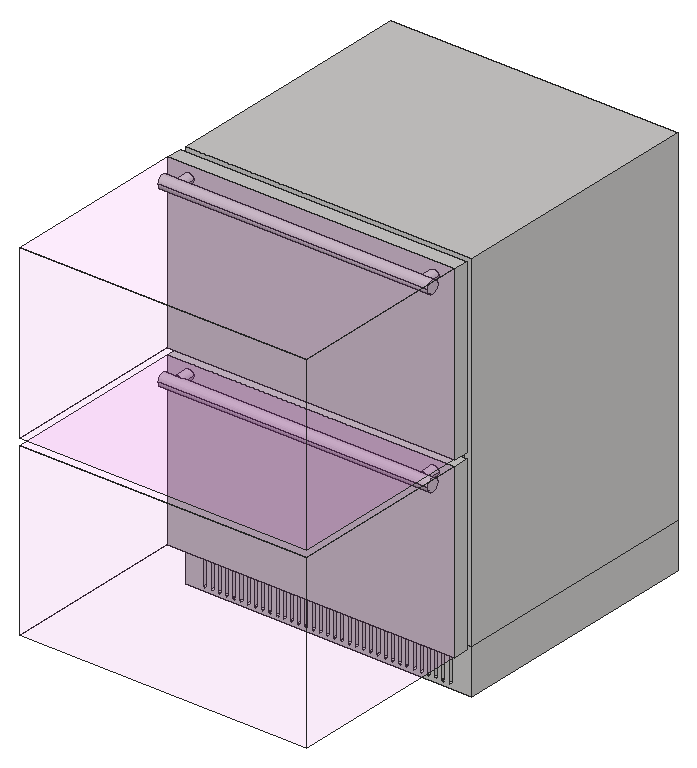
Revit family "QF_Summit_ADFD2D4_2_Drawer_All_Freezer", category Specialty Equipment, Revit 2020
Family settings
  Round Connector Dimension = Use Diameter
  Part Type = Normal
  Work Plane-Based = No
  Always vertical = Yes
  Cut with Voids When Loaded = No
  Shared = No
  Room Calculation Point = No
Parameters
  Weight in Pounds = 95
  Watts = Volts * FL Amps  # 115 W
  Volts = 115 V
  URL Cutsheet = ""
  Specification by User = ""
  Specification by Manufacturer = ""
  Show Clearance [instance] = yes
  Show 4" Legs [instance] = no
  Serial Number = ""
  Seismic Rating = ""
  SMACNA No = ""
  Revision Code = ""
  Refrigerant Volume = 0.00 kip
  Refrigerant Type = "R600a"
  Phase = 1
  Number of Poles = 1
  NAFEM Spec ID Number = ""
  Model = "ADFD2D24"
  Min Ckt Ampacity = 0 A
  Max Overcurrent Protection = 0 A
  Masterspec = ""
  Manufacturer = "Summit"
  Length = 23 3/8"
  Item Number = ""
  Installed By = ""
  Identify Quantity as Lot = yes
  Height [instance] = Body Height + Base Height  # 32"
  HP = ""
  Furnished By = ""
  Foodservice Equipment Identifier = yes
  FL Amps = 1 A
  Electrical Remarks = ""
  Electric Connection Type = ""
  Elec Conn RI Height = 0"
  Elec Conn Connection Height = 0"
  Description = "2 Drawer All Freezer"
  Depth = 22 3/4"
  Default Elevation = 0"
  Cycle = 60 Hz
  Conn Plug = ""
  Conn Conduit = yes
  CSI MasterFormat = ""
  Body Height [instance] = 32"
  Base Height [instance] = if([Show 4" Legs], 4", 0")  # 0"
  BTUH = 0.0 Btu/h
  Apparent Power = 0 VA
Reference planes (in)
  plane 1 "BACK": y = 0
  plane 2: z = 0
  plane 3 "LEFT": x = 0
  plane 4 "RIGHT": x = 23.375
  plane 5 "FRONT": y = -21
  plane 6 "TOP": z = 32
  plane 7 "Center Y": x = 11.6875
  plane 8 "Center X": y = -10.5
  plane 9: z = 0
Dimensions and locks (in)
  equal spacing: plane 3 "LEFT", plane 7 "Center Y", plane 4 "RIGHT"
  "Length": plane 3 "LEFT" to plane 4 "RIGHT"
  equal spacing: plane 5 "FRONT", plane 8 "Center X", plane 1 "BACK"
  plane 5 "FRONT" to plane 1 "BACK" = 21"
  plane 6 "TOP" to level = 32"
  "Base Height": plane 9 to level
  "Body Height": plane 6 "TOP" to plane 9
  nested 5 to plane 1 "BACK" = 22 3/4"
  aligned and locked: level to plane 2
  aligned and locked: nested 5 to plane 9
  aligned and locked: plane 6 "TOP" to nested 5
Nested families (in)
  nested 1: "4 INCHES LEGS" at (2.6875, -4, 0), Show Legs <- "Show 4" Legs", type "4 INCHES LEGS"
    with Type Mark "", Status "", Specification by User "", Show Legs no, Revision Code "", Item Number "", Installed By "", Identify Quantity as Lot yes, Furnished By "", Foodservice Equipment Identifier yes
  nested 2: "4 INCHES LEGS" at (20.6875, -4, 0) x (-1, 0, 0) z (0, 0, 1), Show Legs <- "Show 4" Legs", type "4 INCHES LEGS"
    with Type Mark "", Status "", Specification by User "", Show Legs no, Revision Code "", Item Number "", Installed By "", Identify Quantity as Lot yes, Furnished By "", Foodservice Equipment Identifier yes
  nested 3: "4 INCHES LEGS" at (2.6875, -18, 0), Show Legs <- "Show 4" Legs", type "4 INCHES LEGS"
    with Type Mark "", Status "", Specification by User "", Show Legs no, Revision Code "", Item Number "", Installed By "", Identify Quantity as Lot yes, Furnished By "", Foodservice Equipment Identifier yes
  nested 4: "4 INCHES LEGS" at (20.6875, -18, 0) x (-1, 0, 0) z (0, 0, 1), Show Legs <- "Show 4" Legs", type "4 INCHES LEGS"
    with Type Mark "", Status "", Specification by User "", Show Legs no, Revision Code "", Item Number "", Installed By "", Identify Quantity as Lot yes, Furnished By "", Foodservice Equipment Identifier yes
  nested 5: "ADFD2D4" at (0, 0, 0), type "ADFD2D4"
    with Show Clearance yes
Definition of nested family "ADFD2D4"
  Parameters (values of type "ADFD2D4")
    Weight in Pounds = 0
    URL Cutsheet = ""
    Specification by User = ""
    Specification by Manufacturer = ""
    Show Clearance [instance] = yes
    Serial Number = ""
    Seismic Rating = ""
    SMACNA No = ""
    Revision Code = ""
    NAFEM Spec ID Number = ""
    Masterspec = ""
    Length = 23 3/8"
    Item Number = ""
    Installed By = ""
    Identify Quantity as Lot = yes
    Height = 32"
    Furnished By = ""
    Foodservice Equipment Identifier = yes
    Depth = 21"
    Default Elevation = 0"
    CSI MasterFormat = ""
  Reference planes (in)
    plane 1 "BACK": y = 0
    plane 2: z = 0
    plane 3 "LEFT": x = 0
    plane 4 "RIGHT": x = 23.375
    plane 5 "FRONT": y = -21
    plane 6 "TOP": z = 32
    plane 7 "Center Y": x = 11.6875
    plane 8 "Center X": y = -10.5
    plane 9: y = -37.875
    plane 10: y = -22.75
    plane 11: y = -21.5
    plane 12: y = -24.625
  Forms (in)
    Extrusion 1, solid
      sketch origin (0, 0, 0) x (1, 0, 0) y (0, 1, 0)
        loop
          line (0, 0) -> (0, -21) -> (23.375, -21) -> (23.375, 0) -> (0, 0)
      from 0 to 3.625
    Extrusion 2, solid
      sketch origin (0, 0, 3.625) x (1, 0, 0) y (0, 1, 0)
        loop
          line (0, 0) -> (0, -21) -> (23.375, -21) -> (23.375, 0) -> (0, 0)
      from 0 to 28.375
    Extrusion 3, solid
      sketch origin (0, 0, 32) x (1, 0, 0) y (0, 1, 0)
        loop
          line (0, -21.5) -> (0, -22.75) -> (23.375, -22.75) -> (23.375, -21.5) -> (0, -21.5)
      from 0 to -13.9375
    Extrusion 4, solid
      sketch origin (0, 0, 3.625) x (0, -1, 0) y (-1, 0, 0)
        loop
          line (21.5, 0) -> (21.5, -23.375) -> (22.75, -23.375) -> (22.75, 0) -> (21.5, 0)
      from 0 to -13.9375
    Extrusion 5, solid
      sketch origin (0, 0, 32) x (1, 0, 0) y (0, 1, 0)
        loop
          line (0.6875, -21) -> (0.6875, -21.5) -> (22.6875, -21.5) -> (22.6875, -21) -> (0.6875, -21)
      from -0.59071 to -27.68237
    Extrusion 6, void
      sketch origin (0.0625, 0, 0) x (1, 0, 0) y (0, 0, 1)
        loop
          arc (1.47931, 0.43881) -> (1.60431, 0.31381) -> (1.72931, 0.43881) r 0.125
          line (1.72931, 0.43881) -> (1.72931, 3.18881)
          arc (1.72931, 3.18881) -> (1.60431, 3.31381) -> (1.47931, 3.18881) r 0.125
          line (1.47931, 3.18881) -> (1.47931, 0.43881)
      from 20.77236 to 21
    Extrusion 7, void
      sketch origin (20.0625, 0, 0) x (1, 0, 0) y (0, 0, 1)
        loop
          arc (1.47931, 0.43881) -> (1.60431, 0.31381) -> (1.72931, 0.43881) r 0.125
          line (1.72931, 0.43881) -> (1.72931, 3.18881)
          arc (1.72931, 3.18881) -> (1.60431, 3.31381) -> (1.47931, 3.18881) r 0.125
          line (1.47931, 3.18881) -> (1.47931, 0.43881)
      from 20.77236 to 21
    Extrusion 8, void
      sketch origin (0.65074, 0, 0) x (1, 0, 0) y (0, 0, 1)
        loop
          arc (1.47931, 0.43881) -> (1.60431, 0.31381) -> (1.72931, 0.43881) r 0.125
          line (1.72931, 0.43881) -> (1.72931, 3.18881)
          arc (1.72931, 3.18881) -> (1.60431, 3.31381) -> (1.47931, 3.18881) r 0.125
          line (1.47931, 3.18881) -> (1.47931, 0.43881)
      from 20.77236 to 21
    Extrusion 9, void
      sketch origin (1.23897, 0, 0) x (1, 0, 0) y (0, 0, 1)
        loop
          arc (1.47931, 0.43881) -> (1.60431, 0.31381) -> (1.72931, 0.43881) r 0.125
          line (1.72931, 0.43881) -> (1.72931, 3.18881)
          arc (1.72931, 3.18881) -> (1.60431, 3.31381) -> (1.47931, 3.18881) r 0.125
          line (1.47931, 3.18881) -> (1.47931, 0.43881)
      from 20.77236 to 21
    Extrusion 10, void
      sketch origin (1.82721, 0, 0) x (1, 0, 0) y (0, 0, 1)
        loop
          arc (1.47931, 0.43881) -> (1.60431, 0.31381) -> (1.72931, 0.43881) r 0.125
          line (1.72931, 0.43881) -> (1.72931, 3.18881)
          arc (1.72931, 3.18881) -> (1.60431, 3.31381) -> (1.47931, 3.18881) r 0.125
          line (1.47931, 3.18881) -> (1.47931, 0.43881)
      from 20.77236 to 21
    Extrusion 11, void
      sketch origin (2.41544, 0, 0) x (1, 0, 0) y (0, 0, 1)
        loop
          arc (1.47931, 0.43881) -> (1.60431, 0.31381) -> (1.72931, 0.43881) r 0.125
          line (1.72931, 0.43881) -> (1.72931, 3.18881)
          arc (1.72931, 3.18881) -> (1.60431, 3.31381) -> (1.47931, 3.18881) r 0.125
          line (1.47931, 3.18881) -> (1.47931, 0.43881)
      from 20.77236 to 21
    Extrusion 12, void
      sketch origin (3.00368, 0, 0) x (1, 0, 0) y (0, 0, 1)
        loop
          arc (1.47931, 0.43881) -> (1.60431, 0.31381) -> (1.72931, 0.43881) r 0.125
          line (1.72931, 0.43881) -> (1.72931, 3.18881)
          arc (1.72931, 3.18881) -> (1.60431, 3.31381) -> (1.47931, 3.18881) r 0.125
          line (1.47931, 3.18881) -> (1.47931, 0.43881)
      from 20.77236 to 21
    Extrusion 13, void
      sketch origin (3.59191, 0, 0) x (1, 0, 0) y (0, 0, 1)
        loop
          arc (1.47931, 0.43881) -> (1.60431, 0.31381) -> (1.72931, 0.43881) r 0.125
          line (1.72931, 0.43881) -> (1.72931, 3.18881)
          arc (1.72931, 3.18881) -> (1.60431, 3.31381) -> (1.47931, 3.18881) r 0.125
          line (1.47931, 3.18881) -> (1.47931, 0.43881)
      from 20.77236 to 21
    Extrusion 14, void
      sketch origin (4.18015, 0, 0) x (1, 0, 0) y (0, 0, 1)
        loop
          arc (1.47931, 0.43881) -> (1.60431, 0.31381) -> (1.72931, 0.43881) r 0.125
          line (1.72931, 0.43881) -> (1.72931, 3.18881)
          arc (1.72931, 3.18881) -> (1.60431, 3.31381) -> (1.47931, 3.18881) r 0.125
          line (1.47931, 3.18881) -> (1.47931, 0.43881)
      from 20.77236 to 21
    Extrusion 15, void
      sketch origin (4.76838, 0, 0) x (1, 0, 0) y (0, 0, 1)
        loop
          arc (1.47931, 0.43881) -> (1.60431, 0.31381) -> (1.72931, 0.43881) r 0.125
          line (1.72931, 0.43881) -> (1.72931, 3.18881)
          arc (1.72931, 3.18881) -> (1.60431, 3.31381) -> (1.47931, 3.18881) r 0.125
          line (1.47931, 3.18881) -> (1.47931, 0.43881)
      from 20.77236 to 21
    Extrusion 16, void
      sketch origin (5.35662, 0, 0) x (1, 0, 0) y (0, 0, 1)
        loop
          arc (1.47931, 0.43881) -> (1.60431, 0.31381) -> (1.72931, 0.43881) r 0.125
          line (1.72931, 0.43881) -> (1.72931, 3.18881)
          arc (1.72931, 3.18881) -> (1.60431, 3.31381) -> (1.47931, 3.18881) r 0.125
          line (1.47931, 3.18881) -> (1.47931, 0.43881)
      from 20.77236 to 21
    Extrusion 17, void
      sketch origin (5.94485, 0, 0) x (1, 0, 0) y (0, 0, 1)
        loop
          arc (1.47931, 0.43881) -> (1.60431, 0.31381) -> (1.72931, 0.43881) r 0.125
          line (1.72931, 0.43881) -> (1.72931, 3.18881)
          arc (1.72931, 3.18881) -> (1.60431, 3.31381) -> (1.47931, 3.18881) r 0.125
          line (1.47931, 3.18881) -> (1.47931, 0.43881)
      from 20.77236 to 21
    Extrusion 18, void
      sketch origin (6.53309, 0, 0) x (1, 0, 0) y (0, 0, 1)
        loop
          arc (1.47931, 0.43881) -> (1.60431, 0.31381) -> (1.72931, 0.43881) r 0.125
          line (1.72931, 0.43881) -> (1.72931, 3.18881)
          arc (1.72931, 3.18881) -> (1.60431, 3.31381) -> (1.47931, 3.18881) r 0.125
          line (1.47931, 3.18881) -> (1.47931, 0.43881)
      from 20.77236 to 21
    Extrusion 19, void
      sketch origin (7.12132, 0, 0) x (1, 0, 0) y (0, 0, 1)
        loop
          arc (1.47931, 0.43881) -> (1.60431, 0.31381) -> (1.72931, 0.43881) r 0.125
          line (1.72931, 0.43881) -> (1.72931, 3.18881)
          arc (1.72931, 3.18881) -> (1.60431, 3.31381) -> (1.47931, 3.18881) r 0.125
          line (1.47931, 3.18881) -> (1.47931, 0.43881)
      from 20.77236 to 21
    Extrusion 20, void
      sketch origin (7.70956, 0, 0) x (1, 0, 0) y (0, 0, 1)
        loop
          arc (1.47931, 0.43881) -> (1.60431, 0.31381) -> (1.72931, 0.43881) r 0.125
          line (1.72931, 0.43881) -> (1.72931, 3.18881)
          arc (1.72931, 3.18881) -> (1.60431, 3.31381) -> (1.47931, 3.18881) r 0.125
          line (1.47931, 3.18881) -> (1.47931, 0.43881)
      from 20.77236 to 21
    Extrusion 21, void
      sketch origin (8.29779, 0, 0) x (1, 0, 0) y (0, 0, 1)
        loop
          arc (1.47931, 0.43881) -> (1.60431, 0.31381) -> (1.72931, 0.43881) r 0.125
          line (1.72931, 0.43881) -> (1.72931, 3.18881)
          arc (1.72931, 3.18881) -> (1.60431, 3.31381) -> (1.47931, 3.18881) r 0.125
          line (1.47931, 3.18881) -> (1.47931, 0.43881)
      from 20.77236 to 21
    Extrusion 22, void
      sketch origin (8.88603, 0, 0) x (1, 0, 0) y (0, 0, 1)
        loop
          arc (1.47931, 0.43881) -> (1.60431, 0.31381) -> (1.72931, 0.43881) r 0.125
          line (1.72931, 0.43881) -> (1.72931, 3.18881)
          arc (1.72931, 3.18881) -> (1.60431, 3.31381) -> (1.47931, 3.18881) r 0.125
          line (1.47931, 3.18881) -> (1.47931, 0.43881)
      from 20.77236 to 21
    Extrusion 23, void
      sketch origin (9.47426, 0, 0) x (1, 0, 0) y (0, 0, 1)
        loop
          arc (1.47931, 0.43881) -> (1.60431, 0.31381) -> (1.72931, 0.43881) r 0.125
          line (1.72931, 0.43881) -> (1.72931, 3.18881)
          arc (1.72931, 3.18881) -> (1.60431, 3.31381) -> (1.47931, 3.18881) r 0.125
          line (1.47931, 3.18881) -> (1.47931, 0.43881)
      from 20.77236 to 21
    Extrusion 24, void
      sketch origin (10.0625, 0, 0) x (1, 0, 0) y (0, 0, 1)
        loop
          arc (1.47931, 0.43881) -> (1.60431, 0.31381) -> (1.72931, 0.43881) r 0.125
          line (1.72931, 0.43881) -> (1.72931, 3.18881)
          arc (1.72931, 3.18881) -> (1.60431, 3.31381) -> (1.47931, 3.18881) r 0.125
          line (1.47931, 3.18881) -> (1.47931, 0.43881)
      from 20.77236 to 21
    Extrusion 25, void
      sketch origin (10.65074, 0, 0) x (1, 0, 0) y (0, 0, 1)
        loop
          arc (1.47931, 0.43881) -> (1.60431, 0.31381) -> (1.72931, 0.43881) r 0.125
          line (1.72931, 0.43881) -> (1.72931, 3.18881)
          arc (1.72931, 3.18881) -> (1.60431, 3.31381) -> (1.47931, 3.18881) r 0.125
          line (1.47931, 3.18881) -> (1.47931, 0.43881)
      from 20.77236 to 21
    Extrusion 26, void
      sketch origin (11.23897, 0, 0) x (1, 0, 0) y (0, 0, 1)
        loop
          arc (1.47931, 0.43881) -> (1.60431, 0.31381) -> (1.72931, 0.43881) r 0.125
          line (1.72931, 0.43881) -> (1.72931, 3.18881)
          arc (1.72931, 3.18881) -> (1.60431, 3.31381) -> (1.47931, 3.18881) r 0.125
          line (1.47931, 3.18881) -> (1.47931, 0.43881)
      from 20.77236 to 21
    Extrusion 27, void
      sketch origin (11.82721, 0, 0) x (1, 0, 0) y (0, 0, 1)
        loop
          arc (1.47931, 0.43881) -> (1.60431, 0.31381) -> (1.72931, 0.43881) r 0.125
          line (1.72931, 0.43881) -> (1.72931, 3.18881)
          arc (1.72931, 3.18881) -> (1.60431, 3.31381) -> (1.47931, 3.18881) r 0.125
          line (1.47931, 3.18881) -> (1.47931, 0.43881)
      from 20.77236 to 21
    Extrusion 28, void
      sketch origin (12.41544, 0, 0) x (1, 0, 0) y (0, 0, 1)
        loop
          arc (1.47931, 0.43881) -> (1.60431, 0.31381) -> (1.72931, 0.43881) r 0.125
          line (1.72931, 0.43881) -> (1.72931, 3.18881)
          arc (1.72931, 3.18881) -> (1.60431, 3.31381) -> (1.47931, 3.18881) r 0.125
          line (1.47931, 3.18881) -> (1.47931, 0.43881)
      from 20.77236 to 21
    Extrusion 29, void
      sketch origin (13.00368, 0, 0) x (1, 0, 0) y (0, 0, 1)
        loop
          arc (1.47931, 0.43881) -> (1.60431, 0.31381) -> (1.72931, 0.43881) r 0.125
          line (1.72931, 0.43881) -> (1.72931, 3.18881)
          arc (1.72931, 3.18881) -> (1.60431, 3.31381) -> (1.47931, 3.18881) r 0.125
          line (1.47931, 3.18881) -> (1.47931, 0.43881)
      from 20.77236 to 21
    Extrusion 30, void
      sketch origin (13.59191, 0, 0) x (1, 0, 0) y (0, 0, 1)
        loop
          arc (1.47931, 0.43881) -> (1.60431, 0.31381) -> (1.72931, 0.43881) r 0.125
          line (1.72931, 0.43881) -> (1.72931, 3.18881)
          arc (1.72931, 3.18881) -> (1.60431, 3.31381) -> (1.47931, 3.18881) r 0.125
          line (1.47931, 3.18881) -> (1.47931, 0.43881)
      from 20.77236 to 21
    Extrusion 31, void
      sketch origin (14.18015, 0, 0) x (1, 0, 0) y (0, 0, 1)
        loop
          arc (1.47931, 0.43881) -> (1.60431, 0.31381) -> (1.72931, 0.43881) r 0.125
          line (1.72931, 0.43881) -> (1.72931, 3.18881)
          arc (1.72931, 3.18881) -> (1.60431, 3.31381) -> (1.47931, 3.18881) r 0.125
          line (1.47931, 3.18881) -> (1.47931, 0.43881)
      from 20.77236 to 21
    Extrusion 32, void
      sketch origin (14.76838, 0, 0) x (1, 0, 0) y (0, 0, 1)
        loop
          arc (1.47931, 0.43881) -> (1.60431, 0.31381) -> (1.72931, 0.43881) r 0.125
          line (1.72931, 0.43881) -> (1.72931, 3.18881)
          arc (1.72931, 3.18881) -> (1.60431, 3.31381) -> (1.47931, 3.18881) r 0.125
          line (1.47931, 3.18881) -> (1.47931, 0.43881)
      from 20.77236 to 21
    Extrusion 33, void
      sketch origin (15.35662, 0, 0) x (1, 0, 0) y (0, 0, 1)
        loop
          arc (1.47931, 0.43881) -> (1.60431, 0.31381) -> (1.72931, 0.43881) r 0.125
          line (1.72931, 0.43881) -> (1.72931, 3.18881)
          arc (1.72931, 3.18881) -> (1.60431, 3.31381) -> (1.47931, 3.18881) r 0.125
          line (1.47931, 3.18881) -> (1.47931, 0.43881)
      from 20.77236 to 21
    Extrusion 34, void
      sketch origin (15.94485, 0, 0) x (1, 0, 0) y (0, 0, 1)
        loop
          arc (1.47931, 0.43881) -> (1.60431, 0.31381) -> (1.72931, 0.43881) r 0.125
          line (1.72931, 0.43881) -> (1.72931, 3.18881)
          arc (1.72931, 3.18881) -> (1.60431, 3.31381) -> (1.47931, 3.18881) r 0.125
          line (1.47931, 3.18881) -> (1.47931, 0.43881)
      from 20.77236 to 21
    Extrusion 35, void
      sketch origin (16.53309, 0, 0) x (1, 0, 0) y (0, 0, 1)
        loop
          arc (1.47931, 0.43881) -> (1.60431, 0.31381) -> (1.72931, 0.43881) r 0.125
          line (1.72931, 0.43881) -> (1.72931, 3.18881)
          arc (1.72931, 3.18881) -> (1.60431, 3.31381) -> (1.47931, 3.18881) r 0.125
          line (1.47931, 3.18881) -> (1.47931, 0.43881)
      from 20.77236 to 21
    Extrusion 36, void
      sketch origin (17.12132, 0, 0) x (1, 0, 0) y (0, 0, 1)
        loop
          arc (1.47931, 0.43881) -> (1.60431, 0.31381) -> (1.72931, 0.43881) r 0.125
          line (1.72931, 0.43881) -> (1.72931, 3.18881)
          arc (1.72931, 3.18881) -> (1.60431, 3.31381) -> (1.47931, 3.18881) r 0.125
          line (1.47931, 3.18881) -> (1.47931, 0.43881)
      from 20.77236 to 21
    Extrusion 37, void
      sketch origin (17.70956, 0, 0) x (1, 0, 0) y (0, 0, 1)
        loop
          arc (1.47931, 0.43881) -> (1.60431, 0.31381) -> (1.72931, 0.43881) r 0.125
          line (1.72931, 0.43881) -> (1.72931, 3.18881)
          arc (1.72931, 3.18881) -> (1.60431, 3.31381) -> (1.47931, 3.18881) r 0.125
          line (1.47931, 3.18881) -> (1.47931, 0.43881)
      from 20.77236 to 21
    Extrusion 38, void
      sketch origin (18.29779, 0, 0) x (1, 0, 0) y (0, 0, 1)
        loop
          arc (1.47931, 0.43881) -> (1.60431, 0.31381) -> (1.72931, 0.43881) r 0.125
          line (1.72931, 0.43881) -> (1.72931, 3.18881)
          arc (1.72931, 3.18881) -> (1.60431, 3.31381) -> (1.47931, 3.18881) r 0.125
          line (1.47931, 3.18881) -> (1.47931, 0.43881)
      from 20.77236 to 21
    Extrusion 39, void
      sketch origin (18.88603, 0, 0) x (1, 0, 0) y (0, 0, 1)
        loop
          arc (1.47931, 0.43881) -> (1.60431, 0.31381) -> (1.72931, 0.43881) r 0.125
          line (1.72931, 0.43881) -> (1.72931, 3.18881)
          arc (1.72931, 3.18881) -> (1.60431, 3.31381) -> (1.47931, 3.18881) r 0.125
          line (1.47931, 3.18881) -> (1.47931, 0.43881)
      from 20.77236 to 21
    Extrusion 40, void
      sketch origin (19.47426, 0, 0) x (1, 0, 0) y (0, 0, 1)
        loop
          arc (1.47931, 0.43881) -> (1.60431, 0.31381) -> (1.72931, 0.43881) r 0.125
          line (1.72931, 0.43881) -> (1.72931, 3.18881)
          arc (1.72931, 3.18881) -> (1.60431, 3.31381) -> (1.47931, 3.18881) r 0.125
          line (1.47931, 3.18881) -> (1.47931, 0.43881)
      from 20.77236 to 21
    Extrusion 41, solid
      sketch origin (23.64732, -22.75, 32) x (-1, 0, 0) y (0, 0, -1)
        loop
          circle (21.95982, 0.96546) r 0.37653
        loop
          circle (1.95982, 0.96546) r 0.37653
        loop
          circle (21.95982, 15.30375) r 0.37653
        loop
          circle (1.95982, 15.30375) r 0.37653
      from 0 to 1.14955
    Extrusion 42, solid
      sketch origin (0, 0, 0) x (0, 1, 0) y (0, 0, 1)
        loop
          circle (-24.125, 31.06524) r 0.5
      from 0.6875 to 22.6875
    Extrusion 43, solid
      sketch origin (0, 0, -14.46153) x (0, 1, 0) y (0, 0, 1)
        loop
          circle (-24.125, 31.06524) r 0.5
      from 0.6875 to 22.6875
    Extrusion 44, solid, visible <- "Show Clearance"
      sketch origin (0, 0, 32) x (1, 0, 0) y (0, 1, 0)
        loop
          line (0, -22.75) -> (0, -37.875) -> (23.375, -37.875) -> (23.375, -22.75) -> (0, -22.75)
      from 0 to -13.9375
    Extrusion 45, solid, visible <- "Show Clearance"
      sketch origin (0, 0, 3.625) x (1, 0, 0) y (0, -1, 0)
        loop
          line (0, 22.75) -> (23.375, 22.75) -> (23.375, 37.875) -> (0, 37.875) -> (0, 22.75)
      from 0 to -13.9375
    Extrusion 46, solid
      sketch origin (0, 0, 3.625) x (1, 0, 0) y (0, 0, -1)
        loop
          circle (19.18887, -0.875) r 0.25
      from 0 to 0.09923
  Cuts and joins
    Extrusion 6, Extrusion 7, Extrusion 8, Extrusion 9, Extrusion 10, Extrusion 11, Extrusion 12, Extrusion 13, Extrusion 14, Extrusion 15, Extrusion 16, Extrusion 17, Extrusion 18, Extrusion 19, Extrusion 20, Extrusion 21, Extrusion 22, Extrusion 23, Extrusion 24, Extrusion 25, Extrusion 26, Extrusion 27, Extrusion 28, Extrusion 29, Extrusion 30, Extrusion 31, Extrusion 32, Extrusion 33, Extrusion 34, Extrusion 35, Extrusion 36, Extrusion 37, Extrusion 38, Extrusion 39, Extrusion 40 cuts Extrusion 1
    joined: Extrusion 41, Extrusion 42, Extrusion 43
    joined: Extrusion 2, Extrusion 46
  Lines and regions (in)
    symbolic lines
      curve 1: line (0, 0, 0) -> (0, -21, 0)
      curve 2: line (0, -21, 0) -> (23.375, -21, 0)
      curve 3: line (23.375, -21, 0) -> (23.375, 0, 0)
      curve 4: line (23.375, 0, 0) -> (0, 0, 0)
      curve 5: line (0.6875, -21, 0) -> (0.6875, -21.5, 0)
      curve 6: line (23.375, -21.5, 0) -> (0, -21.5, 0)
      curve 7: line (0, -21.5, 0) -> (0, -22.75, 0)
      curve 8: line (0, -22.75, 0) -> (23.375, -22.75, 0)
      curve 9: line (23.375, -22.75, 0) -> (23.375, -21.5, 0)
      curve 10: line (22.6875, -21.5, 0) -> (22.6875, -21, 0)
      curve 11: line (22.6875, -24.625, 0) -> (22.6875, -23.625, 0)
      curve 12: line (22.6875, -24.625, 0) -> (0.6875, -24.625, 0)
      curve 13: line (0.6875, -24.625, 0) -> (0.6875, -23.625, 0)
      curve 14: line (0.6875, -23.625, 0) -> (1.31222, -23.625, 0)
      curve 15: line (1.31222, -23.625, 0) -> (2.06278, -23.625, 0)
      curve 16: line (2.06278, -23.625, 0) -> (21.31278, -23.625, 0)
      curve 17: line (21.31278, -23.625, 0) -> (22.06278, -23.625, 0)
      curve 18: line (21.31278, -23.625, 0) -> (21.31278, -22.75, 0)
      curve 19: line (22.06278, -23.625, 0) -> (22.06278, -22.75, 0)
      curve 20: line (1.31222, -23.625, 0) -> (1.31222, -22.75, 0)
      curve 21: line (2.06278, -23.625, 0) -> (2.06278, -22.75, 0)
      curve 25: line (22.6875, -23.625, 0) -> (22.06278, -23.625, 0)
    symbolic lines, visible <- "Show Clearance"
      curve 22: line (0, -22.75, 0) -> (0, -37.875, 0)
      curve 23: line (0, -37.875, 0) -> (23.375, -37.875, 0)
      curve 24: line (23.375, -37.875, 0) -> (23.375, -22.75, 0)
  Dimensions and locks (in)
    equal spacing: plane 3 "LEFT", plane 7 "Center Y", plane 4 "RIGHT"
    "Length": plane 3 "LEFT" to plane 4 "RIGHT"
    equal spacing: plane 5 "FRONT", plane 8 "Center X", plane 1 "BACK"
    "Depth": plane 5 "FRONT" to plane 1 "BACK"
    "Height": plane 6 "TOP" to level
    plane 1 "BACK" to plane 9 = 37 7/8"
    plane 1 "BACK" to plane 10 = 22 3/4"
    plane 11 to plane 10 = 1 1/4"
    equal spacing: group 1, group 3, group 4, group 5, group 6, group 7, group 8, group 9, group 10, group 11, group 12, group 13, group 14, group 15, group 16, group 17, group 18, group 19, group 20, group 21, group 22, group 23, group 24, group 25, group 26, group 27, group 28, group 29, group 30, group 31, group 32, group 33, group 34, group 35, group 2  (x3)
    plane 10 to plane 12 = 1 7/8"
    aligned and locked: level to plane 2
  Automatic sketch dimensions
    Extrusion 6 sketch curve to Extrusion 6 sketch curve = 1/8"
    Extrusion 6 sketch curve to Extrusion 6 sketch curve = 2 3/4"
    Extrusion 7 sketch curve to Extrusion 7 sketch curve = 1/8"
    Extrusion 7 sketch curve to Extrusion 7 sketch curve = 2 3/4"
    Extrusion 8 sketch curve to Extrusion 8 sketch curve = 1/8"
    Extrusion 8 sketch curve to Extrusion 8 sketch curve = 2 3/4"
    Extrusion 9 sketch curve to Extrusion 9 sketch curve = 1/8"
    Extrusion 9 sketch curve to Extrusion 9 sketch curve = 2 3/4"
    Extrusion 10 sketch curve to Extrusion 10 sketch curve = 1/8"
    Extrusion 10 sketch curve to Extrusion 10 sketch curve = 2 3/4"
    Extrusion 11 sketch curve to Extrusion 11 sketch curve = 1/8"
    Extrusion 11 sketch curve to Extrusion 11 sketch curve = 2 3/4"
    Extrusion 12 sketch curve to Extrusion 12 sketch curve = 1/8"
    Extrusion 12 sketch curve to Extrusion 12 sketch curve = 2 3/4"
    Extrusion 13 sketch curve to Extrusion 13 sketch curve = 1/8"
    Extrusion 13 sketch curve to Extrusion 13 sketch curve = 2 3/4"
    Extrusion 14 sketch curve to Extrusion 14 sketch curve = 1/8"
    Extrusion 14 sketch curve to Extrusion 14 sketch curve = 2 3/4"
    Extrusion 15 sketch curve to Extrusion 15 sketch curve = 1/8"
    Extrusion 15 sketch curve to Extrusion 15 sketch curve = 2 3/4"
    Extrusion 16 sketch curve to Extrusion 16 sketch curve = 1/8"
    Extrusion 16 sketch curve to Extrusion 16 sketch curve = 2 3/4"
    Extrusion 17 sketch curve to Extrusion 17 sketch curve = 1/8"
    Extrusion 17 sketch curve to Extrusion 17 sketch curve = 2 3/4"
    Extrusion 18 sketch curve to Extrusion 18 sketch curve = 1/8"
    Extrusion 18 sketch curve to Extrusion 18 sketch curve = 2 3/4"
    Extrusion 19 sketch curve to Extrusion 19 sketch curve = 1/8"
    Extrusion 19 sketch curve to Extrusion 19 sketch curve = 2 3/4"
    Extrusion 20 sketch curve to Extrusion 20 sketch curve = 1/8"
    Extrusion 20 sketch curve to Extrusion 20 sketch curve = 2 3/4"
    Extrusion 21 sketch curve to Extrusion 21 sketch curve = 1/8"
    Extrusion 21 sketch curve to Extrusion 21 sketch curve = 2 3/4"
    Extrusion 22 sketch curve to Extrusion 22 sketch curve = 1/8"
    Extrusion 22 sketch curve to Extrusion 22 sketch curve = 2 3/4"
    Extrusion 23 sketch curve to Extrusion 23 sketch curve = 1/8"
    Extrusion 23 sketch curve to Extrusion 23 sketch curve = 2 3/4"
    Extrusion 24 sketch curve to Extrusion 24 sketch curve = 1/8"
    Extrusion 24 sketch curve to Extrusion 24 sketch curve = 2 3/4"
    Extrusion 25 sketch curve to Extrusion 25 sketch curve = 1/8"
    Extrusion 25 sketch curve to Extrusion 25 sketch curve = 2 3/4"
    Extrusion 26 sketch curve to Extrusion 26 sketch curve = 1/8"
    Extrusion 26 sketch curve to Extrusion 26 sketch curve = 2 3/4"
    Extrusion 27 sketch curve to Extrusion 27 sketch curve = 1/8"
    Extrusion 27 sketch curve to Extrusion 27 sketch curve = 2 3/4"
    Extrusion 28 sketch curve to Extrusion 28 sketch curve = 1/8"
    Extrusion 28 sketch curve to Extrusion 28 sketch curve = 2 3/4"
    Extrusion 29 sketch curve to Extrusion 29 sketch curve = 1/8"
    Extrusion 29 sketch curve to Extrusion 29 sketch curve = 2 3/4"
    Extrusion 30 sketch curve to Extrusion 30 sketch curve = 1/8"
    Extrusion 30 sketch curve to Extrusion 30 sketch curve = 2 3/4"
    Extrusion 31 sketch curve to Extrusion 31 sketch curve = 1/8"
    Extrusion 31 sketch curve to Extrusion 31 sketch curve = 2 3/4"
    Extrusion 32 sketch curve to Extrusion 32 sketch curve = 1/8"
    Extrusion 32 sketch curve to Extrusion 32 sketch curve = 2 3/4"
    Extrusion 33 sketch curve to Extrusion 33 sketch curve = 1/8"
    Extrusion 33 sketch curve to Extrusion 33 sketch curve = 2 3/4"
    Extrusion 34 sketch curve to Extrusion 34 sketch curve = 1/8"
    Extrusion 34 sketch curve to Extrusion 34 sketch curve = 2 3/4"
    Extrusion 35 sketch curve to Extrusion 35 sketch curve = 1/8"
    Extrusion 35 sketch curve to Extrusion 35 sketch curve = 2 3/4"
    Extrusion 36 sketch curve to Extrusion 36 sketch curve = 1/8"
    Extrusion 36 sketch curve to Extrusion 36 sketch curve = 2 3/4"
    Extrusion 37 sketch curve to Extrusion 37 sketch curve = 1/8"
    Extrusion 37 sketch curve to Extrusion 37 sketch curve = 2 3/4"
    Extrusion 38 sketch curve to Extrusion 38 sketch curve = 1/8"
    Extrusion 38 sketch curve to Extrusion 38 sketch curve = 2 3/4"
    Extrusion 39 sketch curve to Extrusion 39 sketch curve = 1/8"
    Extrusion 39 sketch curve to Extrusion 39 sketch curve = 2 3/4"
    Extrusion 40 sketch curve to Extrusion 40 sketch curve = 1/8"
    Extrusion 40 sketch curve to Extrusion 40 sketch curve = 2 3/4"
    Extrusion 1 sketch curve to plane 3 "LEFT" = 0"
    Extrusion 1 sketch curve to plane 4 "RIGHT" = 0"
    plane 5 "FRONT" to Extrusion 1 sketch curve = 0"
    plane 1 "BACK" to Extrusion 1 sketch curve = 0"
    Extrusion 2 sketch curve to Extrusion 1 = 0"  (x3)
    Extrusion 1 to Extrusion 2 sketch curve = 0"
    Extrusion 3 sketch curve to Extrusion 2 = 0"  (x2)
    Extrusion 2 to Extrusion 3 sketch curve = 1 3/4"
    Extrusion 2 to Extrusion 3 sketch curve = 1/2"
    Extrusion 4 sketch curve to plane 4 "RIGHT" = 0"
    Extrusion 4 sketch curve to plane 11 = 0"
    Extrusion 4 sketch curve to plane 3 "LEFT" = 0"
    Extrusion 4 sketch curve to plane 10 = 0"
    Extrusion 5 sketch curve to Extrusion 3 = 0"
    Extrusion 5 sketch curve to Extrusion 3 = 11/16"  (x2)
    Extrusion 3 to Extrusion 5 sketch curve = 1/2"
    Extrusion 41 sketch curve to Extrusion 3 = 1 11/16"  (x2)
    Extrusion 3 to Extrusion 41 sketch curve = 1 11/16"  (x2)
    Extrusion 3 to Extrusion 41 sketch curve = 0.96546"  (x2)
    Extrusion 41 sketch curve to Extrusion 3 = 1.36625"  (x2)
    plane 12 to Extrusion 42 sketch curve = 1/2"
    Extrusion 42 sketch curve to plane 6 "TOP" = 0.93476"
    plane 12 to Extrusion 43 sketch curve = 1/2"
    Extrusion 44 sketch curve to Extrusion 3 = 0"  (x3)
    Extrusion 3 to Extrusion 44 sketch curve = 15 1/8"
    Extrusion 45 sketch curve to Extrusion 4 = 0"  (x3)
    Extrusion 45 sketch curve to Extrusion 4 = 15 1/8"
    plane 1 "BACK" to curve 1 = 0"
    curve 1 to plane 3 "LEFT" = 0"
    curve 23 to plane 3 "LEFT" = 0"
    plane 5 "FRONT" to curve 5 = 0"
    curve 5 to plane 11 = 0"
    curve 13 to plane 12 = 0"
    curve 20 to plane 10 = 0"
    curve 9 to plane 4 "RIGHT" = 0"
    curve 3 to plane 4 "RIGHT" = 0"
    curve 23 to plane 9 = 0"
    plane 3 "LEFT" to curve 14 = 11/16"
    curve 13 to curve 14 = 0.62472"
    curve 14 to curve 21 = 0.75055"
    curve 16 to plane 10 = 7/8"
    plane 4 "RIGHT" to curve 16 = 2.06222"
    curve 16 to curve 19 = 3/4"
    plane 4 "RIGHT" to curve 11 = 11/16"
    plane 3 "LEFT" to curve 5 = 11/16"
    plane 4 "RIGHT" to curve 10 = 11/16"
    Extrusion 2 to Extrusion 46 sketch curve = 7/8"
    Extrusion 46 sketch curve to Extrusion 2 = 4.18613"
    Extrusion 43 sketch curve to plane 6 "TOP" = 15.39629"
    radius of Extrusion 41 sketch curve = 0.37653"  (x4)
    radius of Extrusion 42 sketch curve = 1/2"
    radius of Extrusion 43 sketch curve = 1/2"
    radius of Extrusion 46 sketch curve = 1/4"
Definition of nested family "4 INCHES LEGS"
  Parameters (values of type "4 INCHES LEGS")
    Weight = ""
    URL Manufacturer = ""
    URL Cutsheet = ""
    URL = ""
    Type Mark [instance] = ""
    Status [instance] = ""
    Specification by User [instance] = ""
    Specification by Manufacturer = ""
    Show Legs [instance] = yes
    Serial Number = ""
    Seismic Rating = ""
    SMACNA No = ""
    Revision Code [instance] = ""
    Omniclass Number and Title = ""
    NAFEM Spec ID Number = ""
    Model = ""
    MasterSpec. = ""
    Manufacturer = ""
    Item Number [instance] = ""
    Installed By [instance] = ""
    Identify Quantity as Lot [instance] = yes
    Furnished By [instance] = ""
    Foodservice Equipment Identifier [instance] = yes
    Description = ""
    Default Elevation = 0"
    CSI MasterFormat = ""
    CSI Master Format = ""
    Assembly Code = ""
  Reference planes (in)
    plane 1: z = 0
    plane 2 "RIGHT": x = 0
    plane 3 "FRONT": y = 0
    plane 4 "TOP": z = 4
  Forms (in)
    Revolve 1, solid, visible <- "Show Legs"
      sketch origin (11.12172, 0, 0) x (-1, 0, 0) y (0, 0, -1)
        loop
          line (11.12172, -4) -> (11.12172, 0) -> (10.62172, 0) -> (10.62172, -1.30261) -> (10.37172, -1.30261) -> (10.37172, -4) -> (11.12172, -4)
        axis (11.12172, 0) -> (11.12172, -4)
      angle from 0 to 360
  Dimensions and locks (in)
    plane 4 "TOP" to level = 4"  (x2)
    locked: Revolve 1 sketch curve to Revolve 1 sketch curve at 1.30261
    locked: Revolve 1 sketch curve to Revolve 1 sketch curve at 0.75
    aligned and locked: level to plane 1
